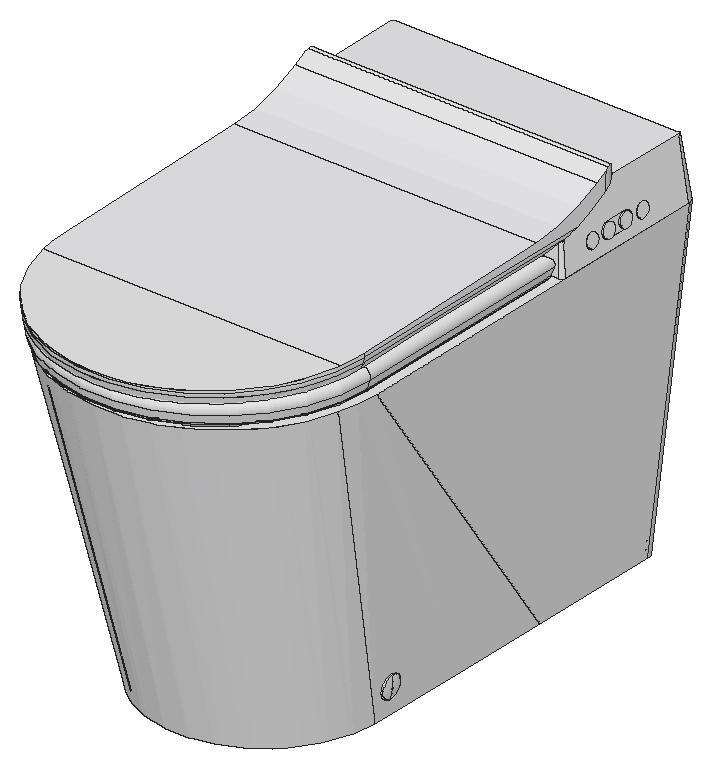
Revit family "Toilet-Floor_Mount_Intelligent-KOHLER-Leap-K-28529K-1", category Plumbing Fixtures, host Face, Revit 2022
Family settings
  Host = Face
  Round Connector Dimension = Use Diameter
  Part Type = Normal
  OmniClass Number = 23.31.19.00
  OmniClass Title = Toilets
  Cut with Voids When Loaded = No
  Maintain Annotation Orientation = No
  Shared = No
  Room Calculation Point = No
Parameters (values of type "0-White")
  Width = 14.49606"  # constant formula
  WaterSense Certified = 1 = 0  # no
  Waste Water Outlet = "Waste Water Outlet"  # constant formula
  Waste Connection = 1 = 1  # yes
  Voltage = 240 V  # constant formula
  Vent Connection = 1 = 0  # no
  URL = "https://www.kohlerasiapacific.com/"
  Type = 1
  Seat Included = 1 = 0  # no
  Rough-In = 12 1/128"  # constant formula
  Product Page URL = ""
  Product Name = "Leap"  # constant formula
  Product Documentation Link = ""
  Pressure = 0.00 psi
  Model = if(Type = 1, "K-28529K-0", "NA")  # "K-28529K-0"
  Material = "Vitreous China"  # constant formula
  Master Format 2014 Name = "Residential Water Closets"  # constant formula
  Master Format 2014 = "22 42 13.13"  # constant formula
  Manufacturer Address = "No. 158 Jiang Chang San Road, Zhabei District, Shanghai, China"  # constant formula
  Manufacturer = "Kohler Co."  # constant formula
  Length = 26 205/256"  # constant formula
  Hot Water Inlet = "Hot Water Inlet"  # constant formula
  Height = 19.36614"  # constant formula
  HW Connection = 1 = 0  # no
  Flush Rate- LPF = "LPF"  # constant formula
  Flush Rate- GPF = "GPF"  # constant formula
  Flow Rate = 0 GPM
  Finish = Kohler-Vitreous_China-0-White
  Environmental Product Declaration = ""
  Electrical Note = "One Dedicated Circuit Required"  # constant formula
  Electrical Connector = 1 = 1  # yes
  Description = "Intelligent toilet S305"  # constant formula
  Default Elevation = 0"
  Declare Label = ""
  Date Modified = "04/07/2025"  # constant formula
  Date Created = "04/07/2025"  # constant formula
  Copyright = "Copyright Kohler Co."  # constant formula
  Contact Us = "https://www.kohlerasiapacific.com/contact-us"
  Cold Water Inlet = "Cold Water Inlet"  # constant formula
  CW Connection = 1 = 1  # yes
  Bowl Height = 15.74803"  # constant formula
  Assembly Code = "D2010100"
  Apparent Load = 1200 VA  # constant formula
  ADA Compliant = 1 = 0  # no
Reference planes (in)
  plane 1 "Center (Front/Back)": y = 0
  plane 2: z = 0
  plane 3 "Center (Left/Right)": x = 0
  plane 4: z = 19.36614
  plane 5: z = 15.74803
  plane 6: x = -7.24803
  plane 7: x = 7.24803
  plane 8: z = 4.05092
  plane 9: z = 4.63274
  plane 10: x = 6.00984
  plane 11: x = -5.98918
  plane 12: y = -0.78734
  plane 13: y = -27.58812
  plane 14: z = 1.37402
  plane 15: y = -16.74803
  plane 16: y = -12.00781
  plane 17: z = 16.93701
  plane 18: y = -4.13386
  plane 19: x = 5.41339
  plane 20: x = -5.41339
  plane 21: y = -21.65348
  plane 22: y = -22.47238
Dimensions and locks (in)
  plane 5 to plane 17 = 1.18898"
  "Length": plane 12 to plane 13
  "Height": level to plane 4
  "Rough-In": plane 1 "Center (Front/Back)" to plane 16
  plane 1 "Center (Front/Back)" to plane 15 = 16.74803"
  plane 14 to level = 1.37402"
  "Bowl Height": plane 5 to level
  "Width": plane 6 to plane 7
  plane 11 to plane 10 = 11.99902"
  plane 20 to plane 19 = 10.82677"
  plane 12 to plane 16 = 11.22047"
  plane 16 to plane 22 = 10.46457"
  plane 16 to plane 21 = 9.64567"
  plane 1 "Center (Front/Back)" to plane 12 = 0.78734"
  plane 6 to plane 7 = 14.49606"
  plane 9 to level = 4.63274"
  plane 19 to plane 20 = 10.82677"
  aligned and locked: plane 2 to host face
  aligned and locked: level to host face
Automatic sketch dimensions
  host sketch curve to host sketch curve = 96"  (x2)
Nested families (in)
  nested 1: "K-28529K" at (0, 0, 0), type "K-28529K"
Connectors (in)
  piping at (0, -12.00787, 0), diameter 2.63672, driven by "Waste Connection", driven by "Waste Water Outlet"
    settings: on nested 1, index 3, connector inside diameter 24", connector length 0", flow factor 0, pipe flow 0 GPM, pressure drop 0.00 psi, fitting loss kfactor 0, connector angle 0.00°, fixture units 0, engagement length 0", angle of deflection 0.00°, flow configuration 0, flow direction 2, fitting loss method 0, system type 16, joint type 0, gender type 0, connector reference index -1, connector utility 1, adjustable connector no, is connector primary yes, connector description "Waste Water Outlet"
  piping at (-5.98918, -4.13386, 4.63274), diameter 0.375, driven by "CW Connection", driven by "Cold Water Inlet"
    settings: on nested 1, index 4, connector inside diameter 24", connector length 0", flow factor 0, pipe flow 0 GPM, pressure drop 0.00 psi, fitting loss kfactor 0, connector angle 0.00°, fixture units 0, engagement length 0", angle of deflection 0.00°, flow configuration 0, flow direction 1, fitting loss method 0, system type 20, joint type 0, gender type 0, connector reference index -1, connector utility 1, adjustable connector no, is connector primary no, connector description "Cold Water Inlet"
  electrical at (-5.98918, -4.13386, 4.05092), driven by "Voltage", driven by "Apparent Load", driven by "Electrical Connector", driven by "Electrical Note"
    settings: on nested 1, index 5, voltage 240 V, apparent load 1200 VA, apparent load phase1 0 VA, apparent load phase2 0 VA, apparent load phase3 0 VA, power factor 1, load classification "Power", number of poles 1, system type 30, power factor state 1, is connector primary yes, connector utility yes, sub classification motor no, connector description "One Dedicated Circuit Required"
Definition of nested family "K-28529K"
  Parameters
    Material = none
    Default Elevation = 0"
  Reference planes (in)
    plane 1 "Center (Front/Back)": y = 0
    plane 2: z = 0
    plane 3 "Center (Left/Right)": x = 0
    plane 4: y = -0.7874
    plane 5: y = -12.00787
    plane 6: y = -27.58661
    plane 7: z = 15.74803
    plane 8: z = 19.36614
    plane 9: y = -21.65354
    plane 10: x = 6.00984
    plane 11: x = -5.98918
    plane 12 "aa": through (0, -5.96811, 18.39868) normal (0, 0.4548, -0.8906)
    plane 13 "zz": through (6.83853, 0, 18.59229) normal (-0.9906, 0, -0.1371)
    plane 14: z = 4.05092
    plane 15: y = -4.13386
    plane 16: z = 4.63274
    plane 17: x = -7.24803
    plane 18: x = 7.24803
    plane 19: y = -22.34646
    plane 20: y = -16.74803
    plane 21: z = 1.37402
  Forms (in)
    Blend 1, solid, material <- "Material", detail levels medium+fine
      base sketch origin (0, 0, 0) x (1, 0, 0) y (0, 1, 0)
        loop
          line (-5.35715, -1.25984) -> (-5.35715, -7.67699)
          arc (-5.35715, -7.67699) -> (-5.33221, -12.5375) -> (-5.2574, -17.39749) r 473.65749
          arc (-5.2574, -17.39749) -> (0, -22.54808) -> (5.2574, -17.39749) r 5.25851
          arc (5.2574, -17.39749) -> (5.33221, -12.5375) -> (5.35715, -7.67699) r 473.65749
          line (5.35715, -7.67699) -> (5.35715, -1.25984)
          arc (5.35715, -1.25984) -> (5.21878, -0.92578) -> (4.88471, -0.7874) r 0.47244
          line (4.88471, -0.7874) -> (-4.88471, -0.7874)
          arc (-4.88471, -0.7874) -> (-5.21878, -0.92578) -> (-5.35715, -1.25984) r 0.47244
      top sketch origin (0, 0, 0) x (1, 0, 0) y (0, 1, 0)
        loop
          arc (7.24803, -1.1811) -> (7.13272, -0.90271) -> (6.85433, -0.7874) r 0.3937
          line (6.85433, -0.7874) -> (-6.82273, -0.7874)
          arc (-6.82273, -0.7874) -> (-7.10112, -0.90271) -> (-7.21644, -1.1811) r 0.3937
          line (-7.21644, -1.1811) -> (-7.21644, -19.76739)
          arc (-7.21644, -19.76739) -> (-7.11617, -20.96747) -> (-6.81816, -22.13427) r 7.23223
          arc (-6.81816, -22.13427) -> (0.24036, -26.99613) -> (6.9835, -21.70552) r 7.23223
          arc (6.9835, -21.70552) -> (7.18159, -20.74544) -> (7.24803, -19.76739) r 7.23223
          line (7.24803, -19.76739) -> (7.24803, -1.1811)
      from 0 to 15.74803
    Blend 2, solid, material <- "Material", detail levels medium+fine
      base sketch origin (0, 0, 0) x (1, 0, 0) y (0, 1, 0)
        loop
          arc (1.04424, -15.20312) -> (1.28968, -14.4358) -> (1.03191, -13.67253) r 1.28972
          arc (1.03191, -13.67253) -> (0.12136, -13.16219) -> (-0.86868, -13.49289) r 1.28972
          arc (-0.86868, -13.49289) -> (-1.27739, -14.26822) -> (-1.09617, -15.12575) r 1.28972
          arc (-1.09617, -15.12575) -> (-0.04659, -15.73507) -> (1.04424, -15.20312) r 1.28972
      top sketch origin (0, 0, 0) x (1, 0, 0) y (0, 1, 0)
        loop
          arc (-5.08401, -22.50659) -> (0, -26.1414) -> (5.08401, -22.50659) r 5.37291
          arc (5.08401, -22.50659) -> (5.80138, -19.00553) -> (5.61376, -15.43665) r 14.07332
          arc (5.61376, -15.43665) -> (0, -10.75147) -> (-5.61376, -15.43665) r 5.70578
          arc (-5.61376, -15.43665) -> (-5.80138, -19.00553) -> (-5.08401, -22.50659) r 14.07332
      from 6.62557 to 15.74803
    Blend 3, void
      base sketch origin (0, 0, 0) x (1, 0, 0) y (0, 1, 0)
        loop
          arc (-1.28724, -13.93558) -> (-1.23658, -14.6763) -> (-1.17662, -15.41633) r 59.18802
          arc (-1.17662, -15.41633) -> (0, -16.49467) -> (1.17662, -15.41633) r 1.1811
          arc (1.17662, -15.41633) -> (1.23658, -14.6763) -> (1.28724, -13.93558) r 59.18802
          arc (1.28724, -13.93558) -> (0, -12.56592) -> (-1.28724, -13.93558) r 1.28972
      top sketch origin (0, 0, 0) x (1, 0, 0) y (0, 1, 0)
        loop
          arc (-5.08401, -22.50659) -> (0, -26.1414) -> (5.08401, -22.50659) r 5.37291
          arc (5.08401, -22.50659) -> (5.80138, -19.00553) -> (5.61376, -15.43665) r 14.07332
          arc (5.61376, -15.43665) -> (0, -10.75147) -> (-5.61376, -15.43665) r 5.70578
          arc (-5.61376, -15.43665) -> (-5.80138, -19.00553) -> (-5.08401, -22.50659) r 14.07332
      from 6.62557 to 15.74803
    Sweep 4, solid, material <- "Material", detail levels medium+fine
      path origin (0, 0, 0) x (0, 1, 0) y (0, 0, 1)
        loop
          line (-12.00787, -5.776) -> (-12.00787, 0.32888)
          arc (-12.00787, 0.32888) -> (-11.40267, 1.98153) -> (-9.87331, 2.85249) r 2.55906
          arc (-9.87331, 2.85249) -> (-6.76803, 3.86344) -> (-4.093, 5.73669) r 11.06673
          arc (-4.093, 5.73669) -> (-4.0493, 9.04716) -> (-7.35978, 9.00346) r 2.31076
          arc (-7.35978, 9.00346) -> (-9.79631, 6.79875) -> (-12.5397, 4.99008) r 21.55142
          arc (-12.5397, 4.99008) -> (-13.87, 5.00708) -> (-14.5303, 6.16207) r 1.34031
          line (-14.5303, 6.16207) -> (-14.5303, 11.74274)
      profile origin (0, -12.00787, -2.72356) x (0, -1, 0) y (1, 0, 0)
        loop
          circle (0, 0) r 1.33858
    Blend 5, solid, detail levels medium+fine
      base sketch origin (0, 0, 0) x (1, 0, 0) y (0, 1, 0)
        loop
          line (-7.23223, -1.1811) -> (-7.23223, -8.49563)
          arc (-7.23223, -8.49563) -> (-7.17458, -8.63482) -> (-7.03538, -8.69248) r 0.19685
          line (-7.03538, -8.69248) -> (-6.17053, -8.69248)
          arc (-6.17053, -8.69248) -> (-6.03134, -8.75013) -> (-5.97368, -8.88933) r 0.19685
          line (-5.97368, -8.88933) -> (-5.97368, -12.09458)
          arc (-5.97368, -12.09458) -> (-5.91603, -12.23377) -> (-5.77683, -12.29143) r 0.19685
          line (-5.77683, -12.29143) -> (5.73302, -12.29143)
          arc (5.73302, -12.29143) -> (5.87221, -12.23377) -> (5.92987, -12.09458) r 0.19685
          line (5.92987, -12.09458) -> (5.92987, -8.88319)
          arc (5.92987, -8.88319) -> (5.98753, -8.74399) -> (6.12672, -8.68634) r 0.19685
          line (6.12672, -8.68634) -> (7.03538, -8.68634)
          arc (7.03538, -8.68634) -> (7.17458, -8.62868) -> (7.23223, -8.48948) r 0.19685
          line (7.23223, -8.48948) -> (7.23223, -1.1811)
          arc (7.23223, -1.1811) -> (7.11692, -0.90271) -> (6.83853, -0.7874) r 0.3937
          line (6.83853, -0.7874) -> (-6.83853, -0.7874)
          arc (-6.83853, -0.7874) -> (-7.11692, -0.90271) -> (-7.23223, -1.1811) r 0.3937
      top sketch origin (0, 0, 0) x (1, 0, 0) y (0, 1, 0)
        loop
          line (-6.83853, -1.29921) -> (-6.83853, -8.18067)
          arc (-6.83853, -8.18067) -> (-6.80394, -8.26418) -> (-6.72042, -8.29878) r 0.11811
          line (-6.72042, -8.29878) -> (-5.65872, -8.29878)
          arc (-5.65872, -8.29878) -> (-5.60305, -8.32184) -> (-5.57998, -8.37752) r 0.07874
          line (-5.57998, -8.37752) -> (-5.57998, -11.81899)
          arc (-5.57998, -11.81899) -> (-5.55692, -11.87466) -> (-5.50124, -11.89773) r 0.07874
          line (-5.50124, -11.89773) -> (5.45743, -11.89773)
          arc (5.45743, -11.89773) -> (5.51311, -11.87466) -> (5.53617, -11.81899) r 0.07874
          line (5.53617, -11.81899) -> (5.53617, -8.37137)
          arc (5.53617, -8.37137) -> (5.55923, -8.3157) -> (5.61491, -8.29263) r 0.07874
          line (5.61491, -8.29263) -> (6.75979, -8.29263)
          arc (6.75979, -8.29263) -> (6.81547, -8.26957) -> (6.83853, -8.21389) r 0.07874
          line (6.83853, -8.21389) -> (6.83853, -1.29921)
          arc (6.83853, -1.29921) -> (6.80394, -1.2157) -> (6.72042, -1.1811) r 0.11811
          line (6.72042, -1.1811) -> (-6.72042, -1.1811)
          arc (-6.72042, -1.1811) -> (-6.80394, -1.2157) -> (-6.83853, -1.29921) r 0.11811
      from 15.74803 to 18.59229
    Extrusion 6, void
      sketch origin (0, 0, 0) x (0, 1, 0) y (0, 0, 1)
        loop
          line (-13.03567, 16.96863) -> (-10.47661, 16.96863)
          arc (-10.47661, 16.96863) -> (-7.28224, 17.51541) -> (-4.45158, 19.09347) r 9.6045
          line (-4.45158, 19.09347) -> (-4.45158, 22.00586) -> (-13.03567, 22.00586) -> (-13.03567, 16.96863)
      from -7.81269 to 7.85948
    Sweep 7, solid, detail levels medium+fine
      path origin (0, 0, 0) x (1, 0, 0) y (0, 1, 0)
        loop
          line (-5.97368, -9.1348) -> (-7.23757, -9.1348) -> (-7.23757, -20.10729)
          arc (-7.23757, -20.10729) -> (-0.00004, -27.34483) -> (7.2375, -20.10729) r 7.23754
          line (7.2375, -20.10729) -> (7.2375, -9.13429) -> (5.92987, -9.13429)
      profile origin (-0.00004, -27.34483, 0) x (0, 1, 0) y (0, 0, 1)
        loop
          line (0.76134, 16.98035) -> (0.4043, 16.98035)
          arc (0.4043, 16.98035) -> (0.09009, 16.82386) -> (0.02566, 16.47879) r 0.3937
          line (0.02566, 16.47879) -> (0.13962, 16.07874)
          arc (0.13962, 16.07874) -> (0.14839, 16.06496) -> (0.16327, 16.05821) r 0.02866
          line (0.16327, 16.05821) -> (0.17897, 16.00311)
          arc (0.17897, 16.00311) -> (0.187, 15.98997) -> (0.20065, 15.98285) r 0.02877
          line (0.20065, 15.98285) -> (0.56449, 15.90552) -> (0.76134, 15.90552) -> (0.76134, 16.98035)
    Sweep 8, solid, detail levels medium+fine
      path origin (0, 0, 0) x (1, 0, 0) y (0, 1, 0)
        loop
          arc (2.4823, -23.64191) -> (3.9236, -19.97802) -> (3.8441, -16.04163) r 10.03318
          arc (3.8441, -16.04163) -> (0, -12.95489) -> (-3.8441, -16.04163) r 3.93701
          arc (-3.8441, -16.04163) -> (-3.9236, -19.97802) -> (-2.4823, -23.64191) r 10.03318
          arc (-2.4823, -23.64191) -> (0, -24.99561) -> (2.4823, -23.64191) r 2.95276
      profile origin (0, -24.99561, 0) x (0, -1, 0) y (0, 0, 1)
        loop
          line (1.13914, 15.90642) -> (1.13914, 16.98035) -> (0.92069, 16.98035)
          arc (0.92069, 16.98035) -> (0.53316, 16.865) -> (0.27179, 16.55651) r 0.70866
          line (0.27179, 16.55651) -> (-0.08308, 15.74803) -> (0.31743, 15.74803) -> (0.43458, 15.80815)
          arc (0.43458, 15.80815) -> (0.63212, 15.8815) -> (0.84137, 15.90642) r 0.89105
          line (0.84137, 15.90642) -> (1.13914, 15.90642)
    Extrusion 9, solid, detail levels medium+fine
      sketch origin (0, 0, 0) x (1, 0, 0) y (0, 1, 0)
        loop
          arc (-6.47623, -20.10729) -> (-0.00004, -26.58349) -> (6.47616, -20.10729) r 6.4762
          line (6.47616, -20.10729) -> (6.47616, -9.1348) -> (-6.47623, -9.1348) -> (-6.47623, -20.10729)
        loop
          arc (-4.95636, -15.79562) -> (-5.04488, -20.17893) -> (-3.43994, -24.25881) r 11.17232
          arc (-3.43994, -24.25881) -> (0, -26.13475) -> (3.43994, -24.25881) r 4.0919
          arc (3.43994, -24.25881) -> (5.04488, -20.17893) -> (4.95636, -15.79562) r 11.17232
          arc (4.95636, -15.79562) -> (0, -11.81575) -> (-4.95636, -15.79562) r 5.07615
      from 15.90552 to 16.98035
    Sweep 10, solid, detail levels medium+fine
      path origin (0, 0, 0) x (1, 0, 0) y (0, 1, 0)
        loop
          line (-7.17495, -6.04971) -> (-7.17495, -20.41351)
          arc (-7.17495, -20.41351) -> (-0.00072, -27.58774) -> (7.17351, -20.41351) r 7.17423
          line (7.17351, -20.41351) -> (7.17351, -6.04971)
          arc (7.17351, -6.04971) -> (6.91982, -5.43726) -> (6.30737, -5.18357) r 0.86614
          line (6.30737, -5.18357) -> (-6.3088, -5.18357)
          arc (-6.3088, -5.18357) -> (-6.92126, -5.43726) -> (-7.17495, -6.04971) r 0.86614
      profile origin (-0.00072, -27.58774, 0) x (0, 1, 0) y (0, 0, 1)
        loop
          line (0, 19.4496) -> (0, 17.55087)
          arc (0, 17.55087) -> (0.0072, 17.44465) -> (0.02866, 17.34037) r 0.7874
          line (0.02866, 17.34037) -> (0.12235, 17.00267) -> (0.46752, 17.00267) -> (0.46752, 19.4496) -> (0, 19.4496)
    Extrusion 11, solid, detail levels medium+fine
      sketch origin (0, 0, 0) x (1, 0, 0) y (0, 1, 0)
        loop
          arc (-6.70743, -20.41351) -> (-0.00072, -27.12022) -> (6.70599, -20.41351) r 6.70671
          line (6.70599, -20.41351) -> (6.70599, -6.04971)
          arc (6.70599, -6.04971) -> (6.58924, -5.76784) -> (6.30737, -5.65109) r 0.39862
          line (6.30737, -5.65109) -> (-6.3088, -5.65109)
          arc (-6.3088, -5.65109) -> (-6.59067, -5.76784) -> (-6.70743, -6.04971) r 0.39862
          line (-6.70743, -6.04971) -> (-6.70743, -20.41351)
      from 17.00267 to 19.4496
    Extrusion 12, void
      sketch origin (0, 0, 0) x (0, 1, 0) y (0, 0, 1)
        loop
          line (-28.0501, 17.61415) -> (-28.0501, 17.02997) -> (-16.53126, 17.17472)
          arc (-16.53126, 17.17472) -> (-13.07574, 17.21488) -> (-9.62016, 17.2485) r 1828.21416
          arc (-9.62016, 17.2485) -> (-8.23545, 17.42197) -> (-6.92756, 17.90874) r 6.0372
          line (-6.92756, 17.90874) -> (-5.96811, 18.39868)
          arc (-5.96811, 18.39868) -> (-5.63076, 18.62807) -> (-5.36067, 18.93381) r 1.63568
          line (-5.36067, 18.93381) -> (-5.55783, 19.22659)
          arc (-5.55783, 19.22659) -> (-5.67337, 19.30761) -> (-5.81343, 19.2905) r 0.19685
          line (-5.81343, 19.2905) -> (-6.54318, 18.90298)
          arc (-6.54318, 18.90298) -> (-8.29159, 18.22153) -> (-10.15011, 17.96225) r 8.07087
          arc (-10.15011, 17.96225) -> (-15.89578, 17.84089) -> (-21.64166, 17.73074) r 2944.52408
          line (-21.64166, 17.73074) -> (-28.0501, 17.61415)
        loop
          line (-28.59758, 20.15324) -> (-28.59758, 16.79498) -> (-4.64315, 16.79498) -> (-4.64315, 20.15324) -> (-28.59758, 20.15324)
      from -8.69124 to 9.84252
    Extrusion 13, void
      sketch origin (0, 0, 0) x (0, 1, 0) y (0, 0, 1)
        loop
          line (-14.54389, 0.01551) -> (-14.54389, -6.10236) -> (-9.81948, -6.10236) -> (-9.81948, 0.01551) -> (-14.54389, 0.01551)
      from -1.92433 to 1.81587
    Revolve 14, solid, detail levels medium+fine
      sketch origin (0, -22.96998, 0) x (1, 0, 0) y (0, 0, 1)
        loop
          line (-5.37058, 16.9566) -> (-5.33474, 16.9566)
          arc (-5.33474, 16.9566) -> (-5.06702, 17.06749) -> (-4.95612, 17.33522) r 0.37862
          line (-4.95612, 17.33522) -> (-4.95612, 17.61811) -> (-5.37058, 17.61811) -> (-5.37058, 16.9566)
        axis (-5.37058, 16.9566) -> (-5.37058, 17.61811)
      angle from 0 to 360
    Revolve 15, solid, detail levels medium+fine
      sketch origin (0, -22.96998, 0) x (-1, 0, 0) y (0, 0, -1)
        loop
          line (-5.37058, -16.9566) -> (-5.37058, -17.61811) -> (-4.95612, -17.61811) -> (-4.95612, -17.33522)
          arc (-4.95612, -17.33522) -> (-5.06702, -17.06749) -> (-5.33474, -16.9566) r 0.37862
          line (-5.33474, -16.9566) -> (-5.37058, -16.9566)
        axis (-5.37058, -16.9566) -> (-5.37058, -17.61811)
      angle from 0 to 360
    Extrusion 16, solid, material <- "Material", detail levels medium+fine
      sketch origin (0, 0, 0) x (1, 0, 0) y (0, 1, 0)
        loop
          line (4.97138, -23.54979) -> (5.28636, -23.23481)
          arc (5.28636, -23.23481) -> (5.28636, -22.95642) -> (5.00797, -22.95642) r 0.19685
          line (5.00797, -22.95642) -> (4.69299, -23.2714)
          arc (4.69299, -23.2714) -> (4.69299, -23.54979) -> (4.97138, -23.54979) r 0.19685
        loop
          arc (-4.97138, -23.54979) -> (-4.69299, -23.54979) -> (-4.69299, -23.2714) r 0.19685
          line (-4.69299, -23.2714) -> (-5.00797, -22.95642)
          arc (-5.00797, -22.95642) -> (-5.28636, -22.95642) -> (-5.28636, -23.23481) r 0.19685
          line (-5.28636, -23.23481) -> (-4.97138, -23.54979)
        loop
          line (6.33859, -16.44818) -> (6.33859, -15.91798)
          arc (6.33859, -15.91798) -> (6.14174, -15.72112) -> (5.94489, -15.91798) r 0.19685
          line (5.94489, -15.91798) -> (5.94489, -16.44818)
          arc (5.94489, -16.44818) -> (6.14174, -16.64503) -> (6.33859, -16.44818) r 0.19685
        loop
          arc (-6.33859, -16.44818) -> (-6.14174, -16.64503) -> (-5.94489, -16.44818) r 0.19685
          line (-5.94489, -16.44818) -> (-5.94489, -15.91798)
          arc (-5.94489, -15.91798) -> (-6.14174, -15.72112) -> (-6.33859, -15.91798) r 0.19685
          line (-6.33859, -15.91798) -> (-6.33859, -16.44818)
      from 15.86858 to 16.40889
    Extrusion 17, solid, detail levels medium+fine
      sketch origin (0, -8.68648, 17.01054) x (0, 0.8906, 0.454787) y (1, 0, 0)
        loop
          line (3.38966, 5.78421) -> (2.59571, 5.78421)
          arc (2.59571, 5.78421) -> (2.39502, 5.70108) -> (2.31189, 5.50039) r 0.28382
          line (2.31189, 5.50039) -> (2.31189, 5.18756)
          arc (2.31189, 5.18756) -> (2.38178, 5.01884) -> (2.5505, 4.94896) r 0.2386
          line (2.5505, 4.94896) -> (3.38966, 4.94896) -> (3.38966, 5.78421)
        loop
          line (3.38966, -4.94414) -> (2.59571, -4.94414)
          arc (2.59571, -4.94414) -> (2.39502, -5.02727) -> (2.31189, -5.22796) r 0.28382
          line (2.31189, -5.22796) -> (2.31189, -5.54079)
          arc (2.31189, -5.54079) -> (2.38178, -5.70951) -> (2.5505, -5.77939) r 0.2386
          line (2.5505, -5.77939) -> (3.38966, -5.77939) -> (3.38966, -4.94414)
      from -0.3851 to 0.65953
    Extrusion 18, void
      sketch origin (2.36162, 0, -0.81484) x (0, 1, 0) y (-0.137112, 0, 0.990556)
        loop
          arc (-5.86097, 16.98312) -> (-6.25015, 16.59394) -> (-5.86097, 16.20477) r 0.38918
          line (-5.86097, 16.20477) -> (-4.84161, 16.20477)
          arc (-4.84161, 16.20477) -> (-4.45243, 16.59394) -> (-4.84161, 16.98312) r 0.38918
          line (-4.84161, 16.98312) -> (-5.86097, 16.98312)
      from 7.03856 to 7.65502
    Extrusion 19, solid, detail levels medium+fine
      sketch origin (9.23512, 0, 1.27832) x (-0.137112, 0, 0.990556) y (0, 1, 0)
        loop
          circle (15.46299, -5.86097) r 0.33465
        loop
          circle (15.46299, -4.84161) r 0.33465
        loop
          circle (15.46299, -6.84522) r 0.33465
        loop
          circle (15.46299, -3.85736) r 0.33465
      from -0.07138 to 0.05702
    Revolve 20, solid, detail levels medium+fine
      sketch origin (0.03691, -4.13386, 0) x (-1, 0, 0) y (0, 0, -1)
        loop
          line (5.98129, -3.5114) -> (5.82665, -2.08435)
          arc (5.82665, -2.08435) -> (5.81218, -2.05791) -> (5.78326, -2.04945) r 0.03937
          line (5.78326, -2.04945) -> (5.70764, -2.05764) -> (5.86653, -3.52384) -> (5.98129, -3.5114)
        axis (5.98129, -3.5114) -> (5.86653, -3.52384)
      angle from 0 to 360
    Extrusion 21, void
      sketch origin (0.14311, 0, 0.5971) x (0, 1, 0) y (-0.104528, 0, 0.994522)
        loop
          line (-3.74016, 3.58755) -> (-3.74016, 5.45057) -> (-4.52756, 5.45057) -> (-4.52756, 3.58755)
          arc (-4.52756, 3.58755) -> (-4.13386, 3.19385) -> (-3.74016, 3.58755) r 0.3937
      from -6.31406 to -5.2628
    Extrusion 22, solid, material <- "Material", detail levels medium+fine
      sketch origin (0, 0, 0) x (1, 0, 0) y (0, 1, 0)
        loop
          circle (0, -12.00787) r 0.7874
      from 0 to 0.43097
    Extrusion 23, solid, material <- "Material", detail levels coarse
      sketch origin (0, 0, 0) x (1, 0, 0) y (0, 1, 0)
        loop
          arc (7.24803, -1.1811) -> (7.13272, -0.90271) -> (6.85433, -0.7874) r 0.3937
          line (6.85433, -0.7874) -> (-6.82273, -0.7874)
          arc (-6.82273, -0.7874) -> (-7.10112, -0.90271) -> (-7.21644, -1.1811) r 0.3937
          line (-7.21644, -1.1811) -> (-7.21644, -19.76739)
          arc (-7.21644, -19.76739) -> (-7.11617, -20.96747) -> (-6.81816, -22.13427) r 7.23223
          arc (-6.81816, -22.13427) -> (0.24036, -26.99613) -> (6.9835, -21.70552) r 7.23223
          arc (6.9835, -21.70552) -> (7.18159, -20.74544) -> (7.24803, -19.76739) r 7.23223
          line (7.24803, -19.76739) -> (7.24803, -1.1811)
      from 0 to 15.74803
    Extrusion 24, solid, detail levels coarse
      sketch origin (0, 0, 0) x (1, 0, 0) y (0, 1, 0)
        loop
          arc (7.23223, -1.1811) -> (7.11692, -0.90271) -> (6.83853, -0.7874) r 0.3937
          line (6.83853, -0.7874) -> (-6.83853, -0.7874)
          arc (-6.83853, -0.7874) -> (-7.11692, -0.90271) -> (-7.23223, -1.1811) r 0.3937
          line (-7.23223, -1.1811) -> (-7.23223, -8.69248) -> (-5.97343, -8.69248) -> (-5.97343, -12.29143) -> (5.92987, -12.29143) -> (5.92987, -8.68634) -> (7.23223, -8.68634) -> (7.23223, -1.1811)
      from 15.74803 to 18.59229
    Extrusion 25, solid, detail levels coarse
      sketch origin (0, 0, 0) x (1, 0, 0) y (0, 1, 0)
        loop
          line (-7.17495, -5.18357) -> (-7.17495, -20.41351)
          arc (-7.17495, -20.41351) -> (-0.00072, -27.58774) -> (7.17351, -20.41351) r 7.17423
          line (7.17351, -20.41351) -> (7.17351, -5.18357) -> (-7.17495, -5.18357)
      from 15.90552 to 19.82764
    Extrusion 26, void
      sketch origin (0, 0, 0) x (0, 1, 0) y (0, 0, 1)
        loop
          line (-28.59758, 17.60418) -> (-21.64166, 17.73074)
          arc (-21.64166, 17.73074) -> (-15.89578, 17.84089) -> (-10.15011, 17.96225) r 2944.52408
          arc (-10.15011, 17.96225) -> (-8.29159, 18.22153) -> (-6.54318, 18.90298) r 8.07087
          line (-6.54318, 18.90298) -> (-5.96502, 19.21)
          arc (-5.96502, 19.21) -> (-5.73008, 19.30008) -> (-5.48034, 19.33071) r 1.03342
          line (-5.48034, 19.33071) -> (-4.64315, 19.33071) -> (-4.64315, 20.15324) -> (-28.59758, 20.15324) -> (-28.59758, 17.60418)
      from -7.85812 to 8.52662
    Extrusion 27, solid, detail levels coarse
      sketch origin (0, 0, 0) x (1, 0, 0) y (0, 1, 0)
        loop
          line (4.97138, -23.54979) -> (5.28636, -23.23481)
          arc (5.28636, -23.23481) -> (5.28636, -22.95642) -> (5.00797, -22.95642) r 0.19685
          line (5.00797, -22.95642) -> (4.69299, -23.2714)
          arc (4.69299, -23.2714) -> (4.69299, -23.54979) -> (4.97138, -23.54979) r 0.19685
        loop
          arc (-4.97138, -23.54979) -> (-4.69299, -23.54979) -> (-4.69299, -23.2714) r 0.19685
          line (-4.69299, -23.2714) -> (-5.00797, -22.95642)
          arc (-5.00797, -22.95642) -> (-5.28636, -22.95642) -> (-5.28636, -23.23481) r 0.19685
          line (-5.28636, -23.23481) -> (-4.97138, -23.54979)
        loop
          line (6.33859, -16.44818) -> (6.33859, -15.91798)
          arc (6.33859, -15.91798) -> (6.14174, -15.72112) -> (5.94489, -15.91798) r 0.19685
          line (5.94489, -15.91798) -> (5.94489, -16.44818)
          arc (5.94489, -16.44818) -> (6.14174, -16.64503) -> (6.33859, -16.44818) r 0.19685
        loop
          arc (-6.33859, -16.44818) -> (-6.14174, -16.64503) -> (-5.94489, -16.44818) r 0.19685
          line (-5.94489, -16.44818) -> (-5.94489, -15.91798)
          arc (-5.94489, -15.91798) -> (-6.14174, -15.72112) -> (-6.33859, -15.91798) r 0.19685
          line (-6.33859, -15.91798) -> (-6.33859, -16.44818)
      from 15.74803 to 15.90552
    Revolve 28, solid, detail levels medium+fine
      sketch origin (0.14339, -16.72606, -0.27619) x (0.998901, 0, 0.046868) y (-0.046868, 0, 0.998901)
        loop
          line (5.02441, 1.43252) -> (5.50519, 1.36608) -> (5.50951, 1.39728)
          arc (5.50951, 1.39728) -> (5.52943, 1.64251) -> (5.5217, 1.88843) r 2.18803
          arc (5.5217, 1.88843) -> (5.48927, 1.91808) -> (5.45693, 1.88833) r 0.0325
          line (5.45693, 1.88833) -> (5.43036, 1.57514) -> (5.05136, 1.62752) -> (5.02441, 1.43252)
        axis (5.50519, 1.36608) -> (5.02441, 1.43252)
      angle from 0 to 360
    Revolve 29, solid, detail levels medium+fine
      sketch origin (-0.09426, -16.74006, -0.23312) x (-0.998901, 0, 0.046868) y (-0.046868, 0, -0.998901)
        loop
          line (5.02441, -1.43252) -> (5.05136, -1.62752) -> (5.43036, -1.57514) -> (5.45693, -1.88833)
          arc (5.45693, -1.88833) -> (5.48927, -1.91808) -> (5.5217, -1.88843) r 0.0325
          arc (5.5217, -1.88843) -> (5.52943, -1.64251) -> (5.50951, -1.39728) r 2.18803
          line (5.50951, -1.39728) -> (5.50519, -1.36608) -> (5.02441, -1.43252)
        axis (5.50519, -1.36608) -> (5.02441, -1.43252)
      angle from 0 to 360
    Extrusion 30, solid, detail levels medium+fine
      sketch origin (0, 0, 0) x (0, 1, 0) y (0, 0, 1)
        loop
          circle (-4.13386, 4.63274) r 0.11811
        loop
          circle (-4.13386, 4.05092) r 0.11811
      from -5.98918 to -5.79876
    Extrusion 31, void
      sketch origin (0, 0, 0) x (0, 1, 0) y (0, 0, 1)
        loop
          circle (-1.90018, 17.16295) r 0.16054
        loop
          arc (-5.05206, 17.84168) -> (-5.06971, 17.88429) -> (-5.11232, 17.90193) r 0.06025
          line (-5.11232, 17.90193) -> (-6.02914, 17.90193) -> (-6.84257, 17.45104)
          arc (-6.84257, 17.45104) -> (-6.88039, 17.41449) -> (-6.89484, 17.36391) r 0.10149
          line (-6.89484, 17.36391) -> (-6.92096, 15.74016) -> (-5.05206, 15.74016) -> (-5.05206, 17.84168)
      from -7.58906 to -6.47623
    Extrusion 32, solid, detail levels medium+fine
      sketch origin (-1.9685, 0, 0) x (0, 1, 0) y (0, 0, 1)
        loop
          circle (-1.90018, 17.16295) r 0.16054
      from -5.14703 to -4.96668
    Extrusion 33, solid, detail levels medium+fine
      sketch origin (0, 0, 0) x (0, 1, 0) y (0, 0, 1)
        loop
          line (-5.05994, 15.74803) -> (-5.05994, 17.84168)
          arc (-5.05994, 17.84168) -> (-5.07528, 17.87872) -> (-5.11232, 17.89406) r 0.05238
          line (-5.11232, 17.89406) -> (-6.02711, 17.89406) -> (-6.83875, 17.44416)
          arc (-6.83875, 17.44416) -> (-6.87364, 17.41044) -> (-6.88697, 17.36379) r 0.09361
          line (-6.88697, 17.36379) -> (-6.91296, 15.74803) -> (-5.05994, 15.74803)
      from -7.55058 to -6.131
    Extrusion 34, void
      sketch origin (0, 0, 0) x (1, 0, 0) y (0, 0, 1)
        loop
          line (-7.24725, 15.63953) -> (-6.83853, 18.59229) -> (-7.82278, 18.59229) -> (-7.82278, 15.63953) -> (-7.24725, 15.63953)
      from 1.1811 to 7.47962
    Blend 35, void
      base sketch origin (0, 0, 0) x (1, 0, 0) y (0, 1, 0)
        loop
          arc (5.1603, -1.37795) -> (5.04499, -1.09956) -> (4.7666, -0.98425) r 0.3937
          line (4.7666, -0.98425) -> (-4.7666, -0.98425)
          arc (-4.7666, -0.98425) -> (-5.04499, -1.09956) -> (-5.1603, -1.37795) r 0.3937
          line (-5.1603, -1.37795) -> (-5.1603, -7.67699)
          arc (-5.1603, -7.67699) -> (-5.13537, -12.53548) -> (-5.06059, -17.39345) r 473.46064
          arc (-5.06059, -17.39345) -> (0, -22.35123) -> (5.06059, -17.39345) r 5.06166
          arc (5.06059, -17.39345) -> (5.13537, -12.53548) -> (5.1603, -7.67699) r 473.46064
          line (5.1603, -7.67699) -> (5.1603, -1.37795)
      top sketch origin (0, 0, 0) x (1, 0, 0) y (0, 1, 0)
        loop
          line (7.05118, -19.76739) -> (7.05118, -1.1811)
          arc (7.05118, -1.1811) -> (6.99352, -1.04191) -> (6.85433, -0.98425) r 0.19685
          line (6.85433, -0.98425) -> (-6.83853, -0.98425)
          arc (-6.83853, -0.98425) -> (-6.94702, -1.01685) -> (-7.01958, -1.10384) r 0.19685
          line (-7.01958, -1.10384) -> (-7.01958, -19.76739)
          arc (-7.01958, -19.76739) -> (-6.92205, -20.9348) -> (-6.63215, -22.06985) r 7.03538
          arc (-6.63215, -22.06985) -> (0.23425, -26.79938) -> (6.79385, -21.65276) r 7.03538
          arc (6.79385, -21.65276) -> (6.98655, -20.71881) -> (7.05118, -19.76739) r 7.03538
      from 0 to 15.36421
    Blend 36, void
      base sketch origin (0, 0, 0) x (1, 0, 0) y (0, 1, 0)
        loop
          arc (-1.08662, -15.00596) -> (-0.09698, -15.62622) -> (0.94193, -15.09259) r 1.1811
          arc (0.94193, -15.09259) -> (1.13433, -14.42547) -> (0.91865, -13.76552) r 1.1811
          arc (0.91865, -13.76552) -> (0.12696, -13.27791) -> (-0.77228, -13.51432) r 1.1811
          arc (-0.77228, -13.51432) -> (-1.20231, -14.20264) -> (-1.08662, -15.00596) r 1.1811
      top sketch origin (0, 0, 0) x (1, 0, 0) y (0, 1, 0)
        loop
          arc (-4.97225, -22.46838) -> (0, -26.02329) -> (4.97225, -22.46838) r 5.2548
          arc (4.97225, -22.46838) -> (5.6836, -18.9967) -> (5.49755, -15.45778) r 13.95521
          arc (5.49755, -15.45778) -> (0, -10.86958) -> (-5.49755, -15.45778) r 5.58767
          arc (-5.49755, -15.45778) -> (-5.6836, -18.9967) -> (-4.97225, -22.46838) r 13.95521
      from 6.62557 to 15.74803
    Extrusion 37, void
      sketch origin (0, 0, 0) x (1, 0, 0) y (0, 0, 1)
        loop
          arc (4.10687, 1.20949) -> (4.62862, 1.40716) -> (4.8884, 1.90093) r 0.7874
          line (4.8884, 1.90093) -> (6.2903, 13.31847)
          arc (6.2903, 13.31847) -> (6.1944, 13.62732) -> (5.89954, 13.76015) r 0.3937
          line (5.89954, 13.76015) -> (-5.79613, 13.76015)
          arc (-5.79613, 13.76015) -> (-6.08974, 13.62873) -> (-6.18734, 13.32223) r 0.3937
          line (-6.18734, 13.32223) -> (-4.89727, 1.90846)
          arc (-4.89727, 1.90846) -> (-4.63943, 1.40968) -> (-4.11485, 1.20949) r 0.7874
          line (-4.11485, 1.20949) -> (4.10687, 1.20949)
      from 0 to 3.74016
    Extrusion 38, solid, material <- "Material", detail levels medium+fine
      sketch origin (0, 0, 0) x (1, 0, 0) y (0, 0, 1)
        loop
          line (0.279, 0.43097) -> (0.279, 11.83266)
          arc (0.279, 11.83266) -> (0.33666, 11.97185) -> (0.47585, 12.02951) r 0.19685
          line (0.47585, 12.02951) -> (0.92786, 12.02951)
          arc (0.92786, 12.02951) -> (1.06705, 12.08717) -> (1.12471, 12.22636) r 0.19685
          line (1.12471, 12.22636) -> (1.12471, 12.97274)
          arc (1.12471, 12.97274) -> (1.35533, 13.52952) -> (1.91211, 13.76015) r 0.7874
          line (1.91211, 13.76015) -> (2.69951, 13.76015) -> (2.69951, 15.74803) -> (-2.71388, 15.74803) -> (-2.71388, 13.76015) -> (-1.92647, 13.76015)
          arc (-1.92647, 13.76015) -> (-1.3697, 13.52952) -> (-1.13907, 12.97274) r 0.7874
          line (-1.13907, 12.97274) -> (-1.13907, 12.22636)
          arc (-1.13907, 12.22636) -> (-1.08142, 12.08717) -> (-0.94222, 12.02951) r 0.19685
          line (-0.94222, 12.02951) -> (-0.49022, 12.02951)
          arc (-0.49022, 12.02951) -> (-0.35102, 11.97185) -> (-0.29337, 11.83266) r 0.19685
          line (-0.29337, 11.83266) -> (-0.29337, 0.43097) -> (0.279, 0.43097)
      from 0.7874 to 25.74175
    Extrusion 39, solid, material <- "Material", detail levels medium+fine
      sketch origin (0, 0, 0) x (1, 0, 0) y (0, 1, 0)
        loop
          line (2.82267, -14.23203) -> (5.11686, -14.23203)
          arc (5.11686, -14.23203) -> (5.16221, -7.60813) -> (5.11458, -0.98425) r 471.94183
          line (5.11458, -0.98425) -> (-5.11449, -0.98425)
          arc (-5.11449, -0.98425) -> (-5.16217, -7.60813) -> (-5.11677, -14.23203) r 471.36904
          line (-5.11677, -14.23203) -> (-2.88599, -14.23203)
          arc (-2.88599, -14.23203) -> (-0.03166, -15.60086) -> (2.82267, -14.23203) r 3.6604
      from 0.43097 to 1.20949
    Blend 40, void
      base sketch origin (0, 0, 0) x (1, 0, 0) y (0, 1, 0)
        loop
          line (-5.04274, -17.74797) -> (-7.21644, -17.74797) -> (-7.21644, -28.81508) -> (7.24803, -28.81508) -> (7.24803, -17.39775) -> (5.06234, -17.39775)
          arc (5.06234, -17.39775) -> (0.17546, -22.35268) -> (-5.04274, -17.74797) r 5.06336
      top sketch origin (0, 0, 0) x (1, 0, 0) y (0, 1, 0)
        loop
          line (-6.9411, -19.64928) -> (-7.33455, -19.64928) -> (-7.33455, -28.93319) -> (7.86163, -28.93319) -> (7.86163, -19.98918) -> (6.95511, -19.98918)
          arc (6.95511, -19.98918) -> (-0.17014, -27.06136) -> (-6.9411, -19.64928) r 6.95615
      from 0 to 15.74803
    Extrusion 41, void
      sketch origin (0, 0, 0) x (0, 1, 0) y (0, 0, 1)
        loop
          line (-14.96063, 6.99682) -> (-20.73021, 12.02951) -> (-27.26467, 12.02951) -> (-23.66548, -0.38016) -> (-14.96063, -0.38016) -> (-14.96063, 6.99682)
      from -1.52206 to 1.12471
    Extrusion 42, solid, material <- "Material", detail levels medium+fine
      sketch origin (0, 0, 0) x (1, 0, 0) y (0, 0, 1)
        loop
          line (5.61695, 12.88428) -> (4.43536, 2.26315)
          arc (4.43536, 2.26315) -> (4.47658, 2.11931) -> (4.60702, 2.046) r 0.19685
          line (4.60702, 2.046) -> (5.38481, 1.9505) -> (6.75545, 13.11348) -> (5.87306, 13.11348)
          arc (5.87306, 13.11348) -> (5.70121, 13.04781) -> (5.61695, 12.88428) r 0.25769
        loop
          arc (-5.64847, 12.88428) -> (-5.73273, 13.04781) -> (-5.90457, 13.11348) r 0.25769
          line (-5.90457, 13.11348) -> (-6.57895, 13.11348) -> (-5.21139, 1.97566) -> (-4.63853, 2.046)
          arc (-4.63853, 2.046) -> (-4.5081, 2.11931) -> (-4.46688, 2.26315) r 0.19685
          line (-4.46688, 2.26315) -> (-5.64847, 12.88428)
      from 0.95584 to 2.56391
  Cuts and joins
    Blend 3, Blend 35, Extrusion 37 cuts Blend 1
    Blend 36, Blend 40, Extrusion 41 cuts Extrusion 38
    joined: Blend 1, Extrusion 38, Extrusion 39, Extrusion 42
    Extrusion 13, Blend 36 cuts Sweep 4
    Extrusion 6, Extrusion 18, Extrusion 31 cuts Blend 5
    joined: Sweep 7, Sweep 8, Extrusion 9
    Extrusion 12 cuts Sweep 10
    Extrusion 12 cuts Extrusion 11
    joined: Sweep 10, Extrusion 11
    Extrusion 21 cuts Revolve 20
    joined: Revolve 20, Extrusion 30
    Extrusion 26 cuts Extrusion 25
    Extrusion 6 cuts Extrusion 24
    Extrusion 34 cuts Extrusion 32
    Extrusion 34 cuts Extrusion 33
    Blend 36 cuts Blend 2
  Lines and regions (in)
    Masking region 1
      outline origin (0, 0, 0) x (1, 0, 0) y (0, 1, 0)
        loop
          line (6.73622, -0.7874) -> (-6.73622, -0.7874)
          arc (-6.73622, -0.7874) -> (-7.09813, -0.93731) -> (-7.24803, -1.29921) r 0.51181
          line (-7.24803, -1.29921) -> (-7.24803, -12.72629)
          arc (-7.24803, -12.72629) -> (-7.21745, -16.70023) -> (-7.1257, -20.67323) r 258.17817
          arc (-7.1257, -20.67323) -> (0, -27.58286) -> (7.1257, -20.67323) r 7.12907
          arc (7.1257, -20.67323) -> (7.21745, -16.70023) -> (7.24803, -12.72629) r 258.17817
          line (7.24803, -12.72629) -> (7.24803, -1.29921)
          arc (7.24803, -1.29921) -> (7.09813, -0.93731) -> (6.73622, -0.7874) r 0.51181
    Masking region 2
      outline origin (0, 0, 0) x (1, 0, 0) y (0, 0, 1)
        loop
          arc (-6.47498, 19.36614) -> (-6.89244, 19.20795) -> (-7.10023, 18.81281) r 0.62992
          line (-7.10023, 18.81281) -> (-7.24803, 15.74803) -> (-6.98085, 15.74803)
          arc (-6.98085, 15.74803) -> (-7.16126, 15.67326) -> (-7.24802, 15.49829) r 0.27807
          line (-7.24802, 15.49829) -> (-7.24802, 15.44195)
          arc (-7.24802, 15.44195) -> (-7.01235, 13.16171) -> (-6.76724, 10.88248) r 553.15289
          arc (-6.76724, 10.88248) -> (-6.44197, 7.9563) -> (-6.10792, 5.03111) r 980.80627
          line (-6.10792, 5.03111) -> (-6.18283, 5.02345)
          arc (-6.18283, 5.02345) -> (-6.01983, 3.56296) -> (-5.84328, 2.10405) r 158.20982
          line (-5.84328, 2.10405) -> (-5.684, 2.12297)
          arc (-5.684, 2.12297) -> (-5.56702, 1.14798) -> (-5.44907, 0.17311) r 980.80627
          arc (-5.44907, 0.17311) -> (-5.38418, 0.0495) -> (-5.25365, 0) r 0.19685
          line (-5.25365, 0) -> (5.25365, 0)
          arc (5.25365, 0) -> (5.38418, 0.0495) -> (5.44907, 0.17311) r 0.19685
          arc (5.44907, 0.17311) -> (5.56702, 1.14798) -> (5.684, 2.12297) r 980.80627
          line (5.684, 2.12297) -> (5.84328, 2.10405)
          arc (5.84328, 2.10405) -> (6.01983, 3.56296) -> (6.18283, 5.02345) r 158.20982
          line (6.18283, 5.02345) -> (6.10792, 5.03111)
          arc (6.10792, 5.03111) -> (6.44197, 7.9563) -> (6.76724, 10.88248) r 980.80627
          arc (6.76724, 10.88248) -> (7.01235, 13.16171) -> (7.24802, 15.44195) r 553.15289
          line (7.24802, 15.44195) -> (7.24802, 15.49829)
          arc (7.24802, 15.49829) -> (7.16126, 15.67326) -> (6.98085, 15.74803) r 0.27807
          line (6.98085, 15.74803) -> (7.24803, 15.74803) -> (7.10023, 18.81281)
          arc (7.10023, 18.81281) -> (6.89244, 19.20795) -> (6.47498, 19.36614) r 0.62992
          line (6.47498, 19.36614) -> (-6.47498, 19.36614)
    Masking region 3
      outline origin (0, 0, 0) x (0, 1, 0) y (0, 0, 1)
        loop
          arc (-0.7874, 15.51181) -> (-0.85659, 15.67884) -> (-1.02362, 15.74803) r 0.23622
          line (-1.02362, 15.74803) -> (-0.78745, 15.74803) -> (-1.12897, 18.26487)
          arc (-1.12897, 18.26487) -> (-1.26035, 18.50775) -> (-1.51895, 18.60459) r 0.3937
          line (-1.51895, 18.60459) -> (-5.13315, 18.60459)
          arc (-5.13315, 18.60459) -> (-5.33828, 18.471) -> (-5.54675, 18.34269) r 9.6045
          line (-5.54675, 18.34269) -> (-5.70983, 18.66204)
          arc (-5.70983, 18.66204) -> (-5.55087, 18.79919) -> (-5.39613, 18.94108) r 6.95597
          line (-5.39613, 18.94108) -> (-5.60314, 19.25451)
          arc (-5.60314, 19.25451) -> (-5.67273, 19.32576) -> (-5.76379, 19.36614) r 0.26383
          line (-5.76379, 19.36614) -> (-5.81526, 19.36614)
          arc (-5.81526, 19.36614) -> (-5.88908, 19.35019) -> (-5.95507, 19.31348) r 0.25707
          arc (-5.95507, 19.31348) -> (-6.3543, 19.03507) -> (-6.77745, 18.79458) r 5.28385
          arc (-6.77745, 18.79458) -> (-7.52666, 18.42865) -> (-8.32424, 18.18557) r 5.26575
          arc (-8.32424, 18.18557) -> (-9.04684, 18.05812) -> (-9.77759, 17.99174) r 8.73892
          arc (-9.77759, 17.99174) -> (-10.89246, 17.94523) -> (-12.00788, 17.91415) r 80.71194
          arc (-12.00788, 17.91415) -> (-13.42533, 17.88576) -> (-14.84284, 17.85997) r 770.18432
          line (-14.84284, 17.85997) -> (-27.42114, 17.64277)
          arc (-27.42114, 17.64277) -> (-27.55706, 17.56969) -> (-27.57637, 17.41658) r 0.16838
          line (-27.57637, 17.41658) -> (-27.44134, 17.04731) -> (-23.36557, 17.09447)
          arc (-23.36557, 17.09447) -> (-23.30079, 17.00929) -> (-23.21561, 16.94452) r 0.39669
          line (-23.21561, 16.94452) -> (-27.062, 16.93352)
          arc (-27.062, 16.93352) -> (-27.31125, 16.80994) -> (-27.36533, 16.53704) r 0.31496
          line (-27.36533, 16.53704) -> (-27.22025, 15.99559) -> (-26.79646, 15.90552) -> (-25.79608, 15.90552)
          arc (-25.79608, 15.90552) -> (-25.6261, 15.86377) -> (-25.49478, 15.74803) r 0.36697
          line (-25.49478, 15.74803) -> (-27.06083, 15.74803)
          arc (-27.06083, 15.74803) -> (-27.24949, 15.65397) -> (-27.2879, 15.4467) r 0.23622
          line (-27.2879, 15.4467) -> (-22.60238, 0.13923)
          arc (-22.60238, 0.13923) -> (-22.53121, 0.03859) -> (-22.41415, 0) r 0.19685
          line (-22.41415, 0) -> (-0.98425, 0)
          arc (-0.98425, 0) -> (-0.84506, 0.05766) -> (-0.7874, 0.19685) r 0.19685
          line (-0.7874, 0.19685) -> (-0.7874, 15.51181)
        loop
          line (-6.49968, 17.83068) -> (-6.60071, 18.02852)
          arc (-6.60071, 18.02852) -> (-7.97712, 17.46056) -> (-9.45191, 17.25549) r 5.89665
          line (-9.45191, 17.25549) -> (-22.63702, 17.1029)
          arc (-22.63702, 17.1029) -> (-22.71687, 17.01731) -> (-22.80945, 16.94568) r 0.72525
          line (-22.80945, 16.94568) -> (-10.47661, 16.98094)
          arc (-10.47661, 16.98094) -> (-8.44388, 17.19862) -> (-6.49968, 17.83068) r 9.86318
        loop
          arc (-12.27045, 15.90552) -> (-12.4506, 15.85098) -> (-12.60818, 15.74803) r 0.6632
          line (-12.60818, 15.74803) -> (-12.29143, 15.74803) -> (-12.27045, 15.90552)
    symbolic lines, detail levels medium+fine
      curve 1: line (-6.54807, -1.13438, 0) -> (6.54807, -1.13438, 0)
      curve 2: line (-7.13862, -1.72639, 0) -> (-7.12809, -6.00511, 0)
      curve 3: line (7.13862, -1.72639, 0) -> (7.12809, -6.00511, 0)
      curve 4: arc (-6.54807, -1.13438, 0) -> (-6.96617, -1.30786, 0) -> (-7.13862, -1.72639, 0) r 0.59055
      curve 5: arc (6.54807, -1.13438, 0) -> (6.96617, -1.30786, 0) -> (7.13862, -1.72639, 0) r 0.59055
      curve 10: line (-6.95742, -6.42141, 0) -> (-6.98503, -20.3993, 0)
      curve 11: line (6.95742, -6.42141, 0) -> (6.98503, -20.3993, 0)
      curve 12: line (-6.36687, -5.83203, 0) -> (6.36687, -5.83203, 0)
      curve 13: arc (-6.36687, -5.83203, 0) -> (-6.78404, -6.00458, 0) -> (-6.95742, -6.42141, 0) r 0.59055
      curve 14: arc (6.36687, -5.83203, 0) -> (6.78404, -6.00458, 0) -> (6.95742, -6.42141, 0) r 0.59055
      curve 15: line (-7.24803, -5.03356, 0) -> (-7.13043, -5.05753, 0)
      curve 16: line (-7.24803, -6.90562, 0) -> (-7.12615, -6.85154, 0)
      curve 17: line (7.24803, -9.12654, 0) -> (7.12242, -9.01919, 0)
      curve 18: line (7.24803, -8.58799, 0) -> (7.12284, -8.71318, 0)
      curve 19: arc (7.21255, -3.48277, 0) -> (7.19085, -3.77712, 0) -> (7.20041, -4.07212, 0) r 2.78662
      curve 20: arc (7.24803, -3.4597, 0) -> (7.22495, -3.46301, 0) -> (7.21255, -3.48277, 0) r 0.02774
      curve 21: arc (7.20041, -4.07212, 0) -> (7.20564, -4.12695, 0) -> (7.21196, -4.18166, 0) r 2.78662
      curve 22: arc (7.21196, -4.18166, 0) -> (7.22977, -4.1976, 0) -> (7.24803, -4.18218, 0) r 0.01821
      curve 23: arc (7.21255, -4.57445, 0) -> (7.19085, -4.86881, 0) -> (7.20041, -5.16381, 0) r 2.78662
      curve 24: arc (7.24803, -4.55139, 0) -> (7.22495, -4.5547, 0) -> (7.21255, -4.57445, 0) r 0.02774
      curve 25: arc (7.20041, -5.16381, 0) -> (7.20564, -5.21863, 0) -> (7.21196, -5.27335, 0) r 2.78662
      curve 26: arc (7.21196, -5.27335, 0) -> (7.22977, -5.28929, 0) -> (7.24803, -5.27387, 0) r 0.01821
      curve 27: arc (7.21255, -5.55871, 0) -> (7.19085, -5.85306, 0) -> (7.20041, -6.14806, 0) r 2.78662
      curve 28: arc (7.24803, -5.53564, 0) -> (7.22495, -5.53895, 0) -> (7.21255, -5.55871, 0) r 0.02774
      curve 29: arc (7.20041, -6.14806, 0) -> (7.20564, -6.20289, 0) -> (7.21196, -6.2576, 0) r 2.78662
      curve 30: arc (7.21196, -6.2576, 0) -> (7.22977, -6.27354, 0) -> (7.24803, -6.25812, 0) r 0.01821
      curve 31: arc (7.21255, -6.54296, 0) -> (7.19085, -6.83731, 0) -> (7.20041, -7.13231, 0) r 2.78662
      curve 32: arc (7.24803, -6.51989, 0) -> (7.22495, -6.5232, 0) -> (7.21255, -6.54296, 0) r 0.02774
      curve 33: arc (7.20041, -7.13231, 0) -> (7.20564, -7.18714, 0) -> (7.21196, -7.24185, 0) r 2.78662
      curve 34: arc (7.21196, -7.24185, 0) -> (7.22977, -7.25779, 0) -> (7.24803, -7.24237, 0) r 0.01821
      curve 35: arc (-6.98503, -20.3993, 0) -> (0, -27.39814, 0) -> (6.98503, -20.3993, 0) r 6.98505
      curve 41: line (-6.98085, 0, 15.74803) -> (6.98069, 0, 15.74803)
      curve 42: arc (-4.85049, 0, 15.85743) -> (-4.7678, 0, 15.81292) -> (-4.69992, 0, 15.74803) r 0.35009
      curve 43: arc (-5.29414, 0, 15.87879) -> (-4.96207, 0, 15.8453) -> (-4.63582, 0, 15.91563) r 1.07109
      curve 44: line (-5.29414, 0, 15.87879) -> (-5.48148, 0, 15.87879)
      curve 45: line (-6.53899, 0, 15.8324) -> (-5.64562, 0, 15.8324)
      curve 46: line (-5.23789, 0, 17.66938) -> (5.52772, 0, 17.66938)
      curve 47: arc (5.52772, 0, 17.66938) -> (6.20849, 0, 17.67766) -> (6.88885, 0, 17.70252) r 27.96518
      curve 48: arc (-6.68784, 0, 15.91563) -> (-6.62426, 0, 15.85462) -> (-6.53899, 0, 15.8324) r 0.17471
      curve 49: line (-6.68784, 0, 15.91563) -> (-6.8777, 0, 15.91563)
      curve 50: line (-5.64562, 0, 15.8324) -> (-5.54588, 0, 15.90223)
      curve 51: line (-5.48148, 0, 15.87879) -> (-5.5827, 0, 15.91563)
      curve 52: line (-6.68784, 0, 15.91563) -> (4.63582, 0, 15.91563)
      curve 53: arc (4.85049, 0, 15.85743) -> (4.7678, 0, 15.81292) -> (4.69992, 0, 15.74803) r 0.35009
      curve 54: arc (5.29414, 0, 15.87879) -> (4.96207, 0, 15.8453) -> (4.63582, 0, 15.91563) r 1.07109
      curve 55: line (5.29414, 0, 15.87879) -> (5.48148, 0, 15.87879)
      curve 56: line (6.53899, 0, 15.8324) -> (5.91493, 0, 15.8324)
      curve 57: arc (6.68784, 0, 15.91563) -> (6.62426, 0, 15.85462) -> (6.53899, 0, 15.8324) r 0.17471
      curve 58: line (6.68784, 0, 15.91563) -> (6.8777, 0, 15.91563)
      curve 59: line (7.21375, 0, 16.07865) -> (7.21375, 0, 15.9959)
      curve 60: line (5.64562, 0, 15.8324) -> (5.52674, 0, 15.91563)
      curve 61: line (5.48148, 0, 15.87879) -> (5.54588, 0, 15.90223)
      curve 62: line (0, 0, 17.08346) -> (-5.11455, 0, 17.08346)
      curve 63: arc (-6.39368, 0, 17.08346) -> (-6.68175, 0, 17.09112) -> (-6.96946, 0, 17.10758) r 9.4345
      curve 64: arc (-6.99166, 0, 17.10922) -> (-7.08843, 0, 17.12639) -> (-7.17981, 0, 17.16259) r 0.48839
      curve 65: line (0, 0, 17.08346) -> (5.08433, 0, 17.08346)
      curve 66: arc (6.39368, 0, 17.08346) -> (6.68175, 0, 17.09112) -> (6.96946, 0, 17.10758) r 9.4345
      curve 67: line (-0.0228, 0, 16.07865) -> (-7.21375, 0, 16.07865)
      curve 68: line (-0.0228, 0, 16.07865) -> (7.21375, 0, 16.07865)
      curve 69: line (-7.23608, 0, 15.9959) -> (7.23608, 0, 15.9959)
      curve 70: line (-5.97368, 0, 15.74803) -> (-5.95925, 0, 15.8324)
      curve 71: line (5.92987, 0, 15.74803) -> (5.91493, 0, 15.8324)
      curve 72: line (-7.2309, 0, 16.1042) -> (-7.15776, 0, 16.8758)
      curve 73: arc (-7.15776, 0, 16.8758) -> (-7.12955, 0, 16.97118) -> (-7.06909, 0, 17.05016) r 0.27349
      curve 74: arc (7.15776, 0, 16.8758) -> (7.12762, 0, 16.97491) -> (7.06278, 0, 17.05569) r 0.27349
      curve 75: line (-6.8554, 0, 16.83408) -> (6.85561, 0, 16.83408)
      curve 76: arc (6.85561, 0, 16.83408) -> (7.00812, 0, 16.84456) -> (7.15776, 0, 16.8758) r 1.11488
      curve 77: arc (-7.15776, 0, 16.8758) -> (-7.00801, 0, 16.84456) -> (-6.8554, 0, 16.83408) r 1.1164
      curve 78: line (-6.83327, 0, 16.98035) -> (6.8332, 0, 16.98035)
      curve 79: arc (6.8332, 0, 16.98035) -> (6.95401, 0, 16.99967) -> (7.06278, 0, 17.05569) r 0.38748
      curve 80: arc (-7.06909, 0, 17.05016) -> (-6.95624, 0, 16.99817) -> (-6.83327, 0, 16.98035) r 0.4332
      curve 81: arc (-5.66841, 0, 17.08346) -> (-5.39148, 0, 16.97988) -> (-5.11455, 0, 17.08346) r 0.42201
      curve 82: arc (5.08433, 0, 17.08346) -> (5.35372, 0, 16.98019) -> (5.62312, 0, 17.08346) r 0.40304
      curve 83: arc (-6.89459, 0, 17.70964) -> (-6.06648, 0, 17.67944) -> (-5.23789, 0, 17.66938) r 34.10777
      curve 84: line (-6.96066, 0, 18.88084) -> (-7.01417, 0, 17.84182)
      curve 85: arc (-7.01417, 0, 17.84182) -> (-6.98181, 0, 17.75091) -> (-6.89459, 0, 17.70964) r 0.12586
      curve 86: line (7.00105, 0, 17.82657) -> (6.94938, 0, 18.82947)
      curve 87: arc (6.88885, 0, 17.70252) -> (6.97069, 0, 17.74126) -> (7.00105, 0, 17.82657) r 0.11811
      curve 88: arc (-7.15908, 0, 17.59254) -> (0.00188, 0, 17.44735) -> (7.16283, 0, 17.5927) r 176.56911
      curve 89: spline (-5.65525, 0, 2.73947) -> (-5.66245, 0, 2.79075) -> (-5.66985, 0, 2.84157) -> (-5.6774, 0, 2.89145) -> (-5.68502, 0, 2.93996) -> (-5.69263, 0, 2.98665) -> (-5.70018, 0, 3.03109) -> (-5.70759, 0, 3.07288) -> (-5.7148, 0, 3.11164) -> (-5.72173, 0, 3.14702) -> (-5.72834, 0, 3.1787) -> (-5.73455, 0, 3.20639) -> (-5.74031, 0, 3.22984)
      curve 90: spline (-5.71495, 0, 2.73947) -> (-5.70528, 0, 2.67104) -> (-5.69529, 0, 2.60373) -> (-5.68513, 0, 2.53862) -> (-5.67496, 0, 2.47676) -> (-5.66497, 0, 2.41915) -> (-5.6553, 0, 2.36674) -> (-5.64611, 0, 2.32036) -> (-5.63755, 0, 2.28078) -> (-5.62977, 0, 2.24862) -> (-5.62288, 0, 2.22442) -> (-5.61699, 0, 2.20857) -> (-5.61222, 0, 2.20131)
      curve 91: line (-6.10792, 0, 5.03111) -> (-5.684, 0, 2.12297)
      curve 92: line (-7.24802, 0, 15.44195) -> (7.24802, 0, 15.44195)
      curve 93: line (-5.25365, 0, 0) -> (-5.61222, 0, 2.20131)
      curve 94: line (5.25365, 0, 0) -> (5.61274, 0, 2.20173)
      curve 95: line (-7.21375, 0, 15.9959) -> (-7.21375, 0, 16.07865)
      curve 96: arc (-6.8777, 0, 15.91563) -> (-7.05045, 0, 15.93598) -> (-7.21375, 0, 15.9959) r 0.74358
      curve 97: arc (6.8777, 0, 15.91563) -> (7.05045, 0, 15.93598) -> (7.21375, 0, 15.9959) r 0.74358
      curve 98: line (0, -1.02362, 15.74803) -> (0, -12.29143, 15.74803)
      curve 99: line (0, -5.1095, 17.81608) -> (0, -5.09923, 15.78576)
      curve 100: line (0, -5.11892, 15.76598) -> (0, -6.94222, 15.76598)
      curve 101: line (0, -6.9619, 15.78597) -> (0, -6.93734, 17.36909)
      curve 102: line (0, -6.13398, 17.84951) -> (0, -6.89609, 17.43712)
      curve 103: line (0, -5.17062, 17.87689) -> (0, -6.02585, 17.87689)
      curve 104: arc (0, -5.1095, 17.81608) -> (0, -5.12751, 17.8591) -> (0, -5.17062, 17.87689) r 0.06111
      curve 105: arc (0, -6.02585, 17.87689) -> (0, -6.08162, 17.86993) -> (0, -6.13398, 17.84951) r 0.2272
      curve 106: arc (0, -5.09923, 15.78576) -> (0, -5.10496, 15.77178) -> (0, -5.11892, 15.76598) r 0.01969
      curve 107: arc (0, -6.94222, 15.76598) -> (0, -6.95625, 15.77185) -> (0, -6.9619, 15.78597) r 0.01969
      curve 108: line (0, -8.68634, 15.74803) -> (0, -8.4868, 17.18955)
      curve 109: line (0, -25.89148, 17.66918) -> (0, -12.00787, 17.81707)
      curve 110: arc (0, -12.00787, 17.81707) -> (0, -10.93846, 17.83065) -> (0, -9.8691, 17.84862) r 260.81321
      curve 111: arc (0, -9.8691, 17.84862) -> (0, -9.1858, 17.88004) -> (0, -8.5052, 17.94842) r 12.62473
      curve 112: arc (0, -8.5052, 17.94842) -> (0, -8.24095, 17.99533) -> (0, -7.98247, 18.06758) r 2.77115
      curve 113: arc (0, -7.98247, 18.06758) -> (0, -6.82291, 18.59843) -> (0, -5.80458, 19.36614) r 5.8979
      curve 114: line (0, -12.60818, 15.74803) -> (0, -25.49478, 15.74803)
      curve 115: line (0, -12.27045, 15.90552) -> (0, -9.39107, 15.90552)
      curve 116: line (0, -9.39107, 15.90552) -> (0, -9.21884, 16.07774)
      curve 117: line (0, -9.21884, 16.07774) -> (0, -27.24226, 16.07774)
      curve 118: arc (0, -9.15329, 16.14329) -> (0, -9.17249, 16.09694) -> (0, -9.21884, 16.07774) r 0.06555
      curve 119: line (0, -9.15329, 16.14329) -> (0, -9.15329, 16.58724)
      curve 120: line (0, -10.47661, 16.98094) -> (0, -9.54699, 16.98094)
      curve 121: arc (0, -9.54699, 16.98094) -> (0, -9.2686, 16.86562) -> (0, -9.15329, 16.58724) r 0.3937
      curve 122: line (0, -15.74194, 15.8371) -> (0, -16.63879, 15.8371)
      curve 123: arc (0, -16.63879, 15.8371) -> (0, -16.66762, 15.84423) -> (0, -16.68979, 15.86397) r 0.06184
      curve 124: arc (0, -16.68979, 15.86397) -> (0, -16.71873, 15.89169) -> (0, -16.75634, 15.90552) r 0.09804
      curve 125: arc (0, -15.68187, 15.85961) -> (0, -15.70986, 15.84291) -> (0, -15.74194, 15.8371) r 0.09138
